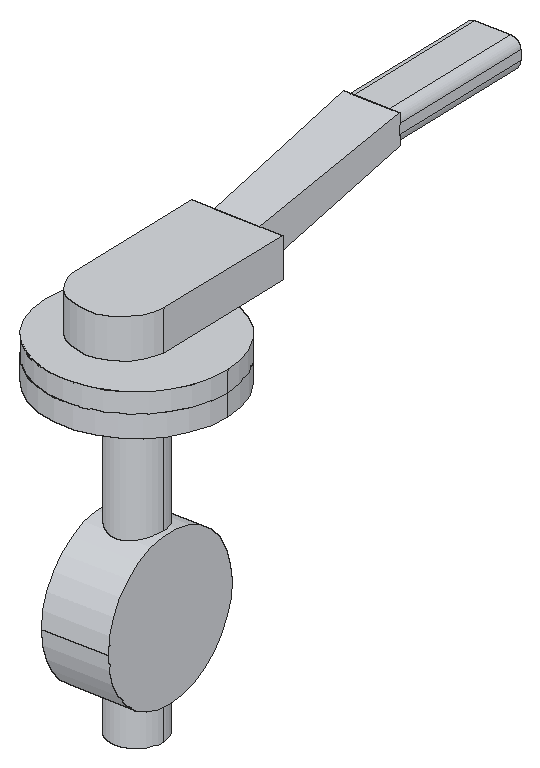
Revit family "HS497-68_disk-nerez_s pákou DN040-RFA_2019", category Pipe Accessories, Revit 2019
Family settings
  Round Connector Dimension = Use Diameter
  Part Type = Valve - Breaks Into
  Work Plane-Based = No
  Always vertical = Yes
  Cut with Voids When Loaded = No
  Shared = No
Parameters (values of type "HS 497-68_DN040_PN16_s pákou")
  magiProductId = "c1b522ca65b4407a98818f232eaacb"
  magiProductFamilyId = "53cea81e6f374d17b8841d9c72ad77"
  magiPartTypeId = 305
  isMeasuringValve [instance] = no
  ang2D [instance] = 0.00°
  X11 = 61.456 mm
  X1 = 25.456 mm
  W2D = 1000 mm
  VersionID = "2.0/2017.9.26.1/ZETKAMA_497_001"
  Use Minimum Symbol Size [instance] = yes
  URL = "http://www.hydronic.cz"
  Type Comments = "mezipřírubová; nerezový disk; PN16; -10~+110°C (krátkodobě +120°C)"
  SW30 = no
  SW3 = no
  SW21 = no
  SW20 = yes
  SW2 = yes
  SW1 = no
  R = 20 mm
  QmdConnectorList = "301;D;302;D"
  Productdata [instance] = ""
  NC = 50 mm
  Manufacturer = "Hydronic Systems Prague s.r.o."
  MM20 = 25.456 mm
  MC Product Code = "121 040 (nerezový disk, s pákou; DN40; PN16, kvs78)"
  M41 = 66 mm
  M4 = 44 mm
  LHL = 220 mm
  LHH3 = 2.45 mm
  LHH1 = 46.55 mm
  LH1 = 73.333 mm
  L4R__ve = -L4R  # -12.8 mm
  L4R = 12.8 mm
  L42__ve = -L42  # -96 mm
  L42 = 96 mm
  L41__ve = -L41  # -19.2 mm
  L41 = 19.2 mm
  L2D_Min = 3048 mm
  L2D = 216 mm
  L2 = 16.5 mm
  L1 = 26.4 mm
  L = 33 mm
  H = 30 mm
  G22 = 11.25 mm
  G2 = 22.5 mm
  G1 = 90 mm
  G = 90 mm
  F = 11 mm
  E44 = 31.25 mm
  E42 = 62.5 mm
  E4 = 125 mm
  E23 = 4.9 mm
  E22 = 19.6 mm
  E21 = 9.8 mm
  Description = "Mezipřírubová uzavírací klapka s pákou; nerezový disk, DN40; PN16; kvs78"
  DR2 = 20 mm
  DR = 76 mm
  DD1 = 15.625 mm
  DD = 12.5 mm
  D = 40 mm
  CAT0 = yes
  B2__ve = -B2  # -36 mm
  B2 = 36 mm
  A2 = 11 mm
  A1 = 79 mm
Types (43, lengths in mm): name | magiProductId | X11 | X1 | Type Comments | SW30 | SW3 | SW20 | SW2 | SW1 | R | NC | Manufacturer | MM20 | MC Product Code | M41 | M4 | LHL | LHH3 | LHH1 | LH1 | L4R__ve | L4R | L42__ve | L42 | L41__ve | L41 | L2 | L1 | L | H | G | F | E44 | E42 | E4 | E23 | E22 | E21 | Description | DR2 | DR | DD1 | DD | D | B2__ve | B2 | A2 | A1
  HS 497-68_DN100_PN16_volné vřeteno | "65d1b245f4f142c78569c0602d5754" | 61.456 | 25.456 | "mezipřírubová; nerezový disk; PN16; -10~+110°C (krátkodobě +120°C)" | no | no | no | no | yes | 50 | 50 | "Hydronic Systems Prague s.r.o." | 25.456 | "124 100 (nerezový disk, s volným vřetenem; DN100; PN16, kvs512)" | 66 | 44 | 220 | 2.45 | 46.55 | 73.333 | -12.8 | 12.8 | -96 | 96 | -19.2 | 19.2 | 26 | 41.6 | 52 | 30 | 90 | 11 | 31.25 | 62.5 | 125 | 4.9 | 19.6 | 9.8 | "Mezipřírubová uzavírací klapka s volným vřetenem; nerezový disk, DN100; PN16; kvs512" | 50 | 147 | 15.625 | 12.5 | 100 | -56 | 56 | 16.5 | 98.5
  HS 497-68_DN100_PN16_převodové kolo | "11e91b807e674d428c8e796fcdcfe2" | 61.456 | 25.456 | "mezipřírubová; nerezový disk; PN16; -10~+110°C (krátkodobě +120°C)" | yes | yes | no | no | no | 50 | 50 | "Hydronic Systems Prague s.r.o." | 25.456 | "126 100 (nerezový disk, s převodovým kolem; DN100; PN16, kvs512)" | 65.25 | 43.5 | 220 | 2.45 | 46.55 | 73.333 | -12.8 | 12.8 | -96 | 96 | -19.2 | 19.2 | 26 | 41.6 | 52 | 30 | 90 | 11 | 31.25 | 62.5 | 125 | 4.9 | 19.6 | 9.8 | "Mezipřírubová uzavírací klapka s převodovým kolem; nerezový disk, DN100; PN16; kvs512" | 50 | 147 | 15.625 | 12.5 | 100 | -56 | 56 | 16.5 | 98.5
  HS 497-68_DN100_PN16_s pákou | "28172f0b3f4b47b28323ac71cf8749" | 61.456 | 25.456 | "mezipřírubová; nerezový disk; PN16; -10~+110°C (krátkodobě +120°C)" | no | no | yes | yes | no | 50 | 50 | "Hydronic Systems Prague s.r.o." | 25.456 | "121 100 (nerezový disk, s pákou; DN100; PN16, kvs512)" | 66 | 44 | 260 | 3 | 57 | 86.667 | -12.8 | 12.8 | -96 | 96 | -19.2 | 19.2 | 26 | 41.6 | 52 | 30 | 90 | 11 | 31.25 | 62.5 | 125 | 6 | 24 | 12 | "Mezipřírubová uzavírací klapka s pákou; nerezový disk, DN100; PN16; kvs512" | 50 | 147 | 15.625 | 12.5 | 100 | -56 | 56 | 16.5 | 98.5
  HS 497-68_DN125_PN16_volné vřeteno | "0d813d910fc14f628bb3c2efbd185c" | 61.456 | 25.456 | "mezipřírubová; nerezový disk; PN16; -10~+110°C (krátkodobě +120°C)" | no | no | no | no | yes | 62.5 | 50 | "Hydronic Systems Prague s.r.o." | 25.456 | "124 125 (nerezový disk, s volným vřetenem; DN125; PN16, kvs872)" | 66 | 44 | 220 | 2.45 | 46.55 | 73.333 | -12.8 | 12.8 | -96 | 96 | -19.2 | 19.2 | 28 | 44.8 | 56 | 33 | 90 | 14 | 31.25 | 62.5 | 125 | 4.9 | 19.6 | 9.8 | "Mezipřírubová uzavírací klapka s volným vřetenem; nerezový disk, DN125; PN16; kvs872" | 62.5 | 180 | 15.625 | 12.5 | 125 | -64 | 64 | 18 | 99.5
  HS 497-68_DN125_PN16_převodové kolo | "c56b7c13f372467684996fb1e0e229" | 61.456 | 25.456 | "mezipřírubová; nerezový disk; PN16; -10~+110°C (krátkodobě +120°C)" | yes | yes | no | no | no | 62.5 | 50 | "Hydronic Systems Prague s.r.o." | 25.456 | "126125 (nerezový disk, s převodovým kolem; DN125; PN16, kvs872)" | 65.25 | 43.5 | 220 | 2.45 | 46.55 | 73.333 | -13.5 | 13.5 | -101.25 | 101.25 | -20.25 | 20.25 | 28 | 44.8 | 56 | 33 | 90 | 14 | 40 | 80 | 160 | 4.9 | 19.6 | 9.8 | "Mezipřírubová uzavírací klapka s převodovým kolem; nerezový disk, DN125; PN16; kvs872" | 62.5 | 180 | 20 | 16 | 125 | -64 | 64 | 18 | 99.5
  HS 497-68_DN125_PN16_s pákou | "105993c79a91492399feef7931321a" | 61.456 | 25.456 | "mezipřírubová; nerezový disk; PN16; -10~+110°C (krátkodobě +120°C)" | no | no | yes | yes | no | 62.5 | 50 | "Hydronic Systems Prague s.r.o." | 25.456 | "121 125 (nerezový disk, s pákou; DN125; PN16, kvs872)" | 66 | 44 | 315 | 3.75 | 71.25 | 105 | -12.8 | 12.8 | -96 | 96 | -19.2 | 19.2 | 28 | 44.8 | 56 | 33 | 90 | 14 | 31.25 | 62.5 | 125 | 7.5 | 30 | 15 | "Mezipřírubová uzavírací klapka s pákou; nerezový disk, DN125; PN16; kvs872" | 62.5 | 180 | 15.625 | 12.5 | 125 | -64 | 64 | 18 | 99.5
  HS 497-68_DN150_PN16_volné vřeteno | "50c80cb8ab434f55ab7796e5ac1331" | 61.456 | 25.456 | "mezipřírubová; nerezový disk; PN16; -10~+110°C (krátkodobě +120°C)" | no | no | no | no | yes | 75 | 50 | "Hydronic Systems Prague s.r.o." | 25.456 | "124 150 (nerezový disk, s volným vřetenem; DN150; PN16, kvs1347)" | 66 | 44 | 220 | 2.45 | 46.55 | 73.333 | -12.8 | 12.8 | -96 | 96 | -19.2 | 19.2 | 28 | 44.8 | 56 | 33 | 90 | 14 | 31.25 | 62.5 | 125 | 4.9 | 19.6 | 9.8 | "Mezipřírubová uzavírací klapka s volným vřetenem; nerezový disk, DN150; PN16; kvs1347" | 75 | 206 | 15.625 | 12.5 | 150 | -58 | 58 | 19.3 | 98.7
  HS 497-68_DN150_PN16_převodové kolo | "d94a1a0cf83b476eb10011b327f709" | 61.456 | 25.456 | "mezipřírubová; nerezový disk; PN16; -10~+110°C (krátkodobě +120°C)" | yes | yes | no | no | no | 75 | 50 | "Hydronic Systems Prague s.r.o." | 25.456 | "126 150 (nerezový disk, s převodovým kolem; DN150; PN16, kvs1347)" | 65.25 | 43.5 | 220 | 2.45 | 46.55 | 73.333 | -13.5 | 13.5 | -101.25 | 101.25 | -20.25 | 20.25 | 28 | 44.8 | 56 | 33 | 90 | 14 | 40 | 80 | 160 | 4.9 | 19.6 | 9.8 | "Mezipřírubová uzavírací klapka s převodovým kolem; nerezový disk, DN150; PN16; kvs1347" | 75 | 206 | 20 | 16 | 150 | -58 | 58 | 19.3 | 98.7
  HS 497-68_DN150_PN16_s pákou | "4d2835523fe84828bc50ff0a5a0dfb" | 61.456 | 25.456 | "mezipřírubová; nerezový disk; PN16; -10~+110°C (krátkodobě +120°C)" | no | no | yes | yes | no | 75 | 50 | "Hydronic Systems Prague s.r.o." | 25.456 | "121 150 (nerezový disk, s pákou; DN150; PN16, kvs1347)" | 66 | 44 | 315 | 3.75 | 71.25 | 105 | -12.8 | 12.8 | -96 | 96 | -19.2 | 19.2 | 28 | 44.8 | 56 | 33 | 90 | 14 | 31.25 | 62.5 | 125 | 7.5 | 30 | 15 | "Mezipřírubová uzavírací klapka s pákou; nerezový disk, DN150; PN16; kvs1347" | 75 | 206 | 15.625 | 12.5 | 150 | -58 | 58 | 19.3 | 98.7
  HS 497-68_DN200_PN16_volné vřeteno | "5b29029eaeba47139ee1055a4b9201" | 61.456 | 25.456 | "mezipřírubová; nerezový disk; PN16; -10~+110°C (krátkodobě +120°C)" | no | no | no | no | yes | 100 | 50 | "Hydronic Systems Prague s.r.o." | 25.456 | "124 200 (nerezový disk, s volným vřetenem; DN200; PN16, kvs2675)" | 66 | 44 | 220 | 2.45 | 46.55 | 73.333 | -12.8 | 12.8 | -96 | 96 | -19.2 | 19.2 | 30 | 48 | 60 | 33 | 90 | 17 | 31.25 | 62.5 | 125 | 4.9 | 19.6 | 9.8 | "Mezipřírubová uzavírací klapka s volným vřetenem; nerezový disk, DN200; PN16; kvs2675" | 100 | 257 | 15.625 | 12.5 | 200 | -70 | 70 | 22.5 | 102.5
  HS 497-68_DN200_PN16_převodové kolo | "b2793cc1fcc44cf2a35062cd67c04f" | 61.456 | 25.456 | "mezipřírubová; nerezový disk; PN16; -10~+110°C (krátkodobě +120°C)" | yes | yes | no | no | no | 100 | 57 | "Hydronic Systems Prague s.r.o." | 25.456 | "126 200 (nerezový disk, s převodovým kolem; DN200; PN16, kvs2675)" | 78.75 | 52.5 | 220 | 2.45 | 46.55 | 73.333 | -15.2 | 15.2 | -114 | 114 | -22.8 | 22.8 | 30 | 48 | 60 | 33 | 90 | 17 | 50 | 100 | 200 | 4.9 | 19.6 | 9.8 | "Mezipřírubová uzavírací klapka s převodovým kolem; nerezový disk, DN200; PN16; kvs2675" | 100 | 257 | 25 | 20 | 200 | -70 | 70 | 22.5 | 102.5
  HS 497-68_DN200_PN16_s pákou | "f88d96c7af224537a51e72d7d8fffe" | 61.456 | 25.456 | "mezipřírubová; nerezový disk; PN16; -10~+110°C (krátkodobě +120°C)" | no | no | yes | yes | no | 100 | 50 | "Hydronic Systems Prague s.r.o." | 25.456 | "121 200 (nerezový disk, s pákou; DN200; PN16, kvs2675)" | 66 | 44 | 315 | 3.75 | 71.25 | 105 | -12.8 | 12.8 | -96 | 96 | -19.2 | 19.2 | 30 | 48 | 60 | 33 | 90 | 17 | 31.25 | 62.5 | 125 | 7.5 | 30 | 15 | "Mezipřírubová uzavírací klapka s pákou; nerezový disk, DN200; PN16; kvs2675" | 100 | 257 | 15.625 | 12.5 | 200 | -70 | 70 | 22.5 | 102.5
  HS 497-68_DN250_PN16_volné vřeteno | "b662e8305ca2402b9c510e66e6aa55" | 88.77 | 36.77 | "mezipřírubová; nerezový disk; PN16; -10~+110°C (krátkodobě +120°C)" | no | no | no | no | yes | 125 | 50 | "Hydronic Systems Prague s.r.o." | 36.77 | "124 250 (nerezový disk, s volným vřetenem; DN250; PN16, kvs4555)" | 66 | 44 | 220 | 2.45 | 46.55 | 73.333 | -12.8 | 12.8 | -96 | 96 | -19.2 | 19.2 | 34 | 54.4 | 68 | 23 | 130 | 22 | 31.25 | 62.5 | 125 | 4.9 | 19.6 | 9.8 | "Mezipřírubová uzavírací klapka s volným vřetenem; nerezový disk, DN250; PN16; kvs4555" | 125 | 324 | 15.625 | 12.5 | 250 | -85 | 85 | 28.25 | 129.25
  HS 497-68_DN250_PN16_převodové kolo | "5ee9016806664ddfaa2632711f295c" | 88.77 | 36.77 | "mezipřírubová; nerezový disk; PN16; -10~+110°C (krátkodobě +120°C)" | yes | yes | no | no | no | 125 | 70 | "Hydronic Systems Prague s.r.o." | 36.77 | "126 250 (nerezový disk, s převodovým kolem; DN250; PN16, kvs4555)" | 91.5 | 61 | 220 | 2.45 | 46.55 | 73.333 | -22.2 | 22.2 | -166.5 | 166.5 | -33.3 | 33.3 | 34 | 54.4 | 68 | 23 | 130 | 22 | 62.5 | 125 | 250 | 4.9 | 19.6 | 9.8 | "Mezipřírubová uzavírací klapka s převodovým kolem; nerezový disk, DN250; PN16; kvs4555" | 125 | 324 | 31.25 | 25 | 250 | -85 | 85 | 28.25 | 129.25
  HS 497-68_DN300_PN16_volné vřeteno | "e1886f51ff004380a649519258edf2" | 88.77 | 36.77 | "mezipřírubová; nerezový disk; PN16; -10~+110°C (krátkodobě +120°C)" | no | no | no | no | yes | 150 | 50 | "Hydronic Systems Prague s.r.o." | 36.77 | "124 300 (nerezový disk, s volným vřetenem; DN300; PN16, kvs7037)" | 66 | 44 | 220 | 2.45 | 46.55 | 73.333 | -12.8 | 12.8 | -96 | 96 | -19.2 | 19.2 | 39 | 62.4 | 78 | 23 | 130 | 22 | 31.25 | 62.5 | 125 | 4.9 | 19.6 | 9.8 | "Mezipřírubová uzavírací klapka s volným vřetenem; nerezový disk, DN300; PN16; kvs7037" | 150 | 376 | 15.625 | 12.5 | 300 | -90 | 90 | 30.8 | 127.2
  HS 497-68_DN300_PN16_převodové kolo | "6860f094f77d42088fbebc3c97f755" | 88.77 | 36.77 | "mezipřírubová; nerezový disk; PN16; -10~+110°C (krátkodobě +120°C)" | yes | yes | no | no | no | 150 | 70 | "Hydronic Systems Prague s.r.o." | 36.77 | "126 300 (nerezový disk, s převodovým kolem; DN300; PN16, kvs7037)" | 91.5 | 61 | 220 | 2.45 | 46.55 | 73.333 | -22.2 | 22.2 | -166.5 | 166.5 | -33.3 | 33.3 | 39 | 62.4 | 78 | 23 | 130 | 22 | 62.5 | 125 | 250 | 4.9 | 19.6 | 9.8 | "Mezipřírubová uzavírací klapka s převodovým kolem; nerezový disk, DN300; PN16; kvs7037" | 150 | 376 | 31.25 | 25 | 300 | -90 | 90 | 30.8 | 127.2
  HS 497-68_DN032_PN16_volné vřeteno | "8c5f65de52aa4067a77564107e31b2" | 61.456 | 25.456 | "mezipřírubová; nerezový disk; PN16; -10~+110°C (krátkodobě +120°C)" | no | no | no | no | yes | 16 | 50 | "Hydronic Systems Prague s.r.o." | 25.456 | "124 032 (nerezový disk, s volným vřetenem; DN32; PN16, kvs78)" | 66 | 44 | 220 | 2.45 | 46.55 | 73.333 | -12.8 | 12.8 | -96 | 96 | -19.2 | 19.2 | 16.5 | 26.4 | 33 | 30 | 90 | 11 | 31.25 | 62.5 | 125 | 4.9 | 19.6 | 9.8 | "Mezipřírubová uzavírací klapka s volným vřetenem; nerezový disk, DN32; PN16; kvs78" | 16 | 68 | 15.625 | 12.5 | 32 | -44.2 | 44.2 | 10.25 | 76.25
  HS 497-68_DN032_PN16_převodové kolo | "60aaeffa8b3a4e809ef000e4660060" | 61.456 | 25.456 | "mezipřírubová; nerezový disk; PN16; -10~+110°C (krátkodobě +120°C)" | yes | yes | no | no | no | 16 | 50 | "Hydronic Systems Prague s.r.o." | 25.456 | "126 032 (nerezový disk, s převodovým kolem; DN32; PN16, kvs78)" | 65.25 | 43.5 | 220 | 2.45 | 46.55 | 73.333 | -12.8 | 12.8 | -96 | 96 | -19.2 | 19.2 | 16.5 | 26.4 | 33 | 30 | 90 | 11 | 31.25 | 62.5 | 125 | 4.9 | 19.6 | 9.8 | "Mezipřírubová uzavírací klapka s převodovým kolem; nerezový disk, DN32; PN16; kvs78" | 16 | 68 | 15.625 | 12.5 | 32 | -44.2 | 44.2 | 10.25 | 76.25
  HS 497-68_DN032_PN16_s pákou | "9ad8088d610749a1b871aa2aad8007" | 61.456 | 25.456 | "mezipřírubová; nerezový disk; PN16; -10~+110°C (krátkodobě +120°C)" | no | no | yes | yes | no | 16 | 50 | "Hydronic Systems Prague s.r.o." | 25.456 | "121 032 (nerezový disk, s pákou; DN32; PN16, kvs78)" | 66 | 44 | 220 | 2.45 | 46.55 | 73.333 | -12.8 | 12.8 | -96 | 96 | -19.2 | 19.2 | 16.5 | 26.4 | 33 | 30 | 90 | 11 | 31.25 | 62.5 | 125 | 4.9 | 19.6 | 9.8 | "Mezipřírubová uzavírací klapka s pákou; nerezový disk, DN32; PN16; kvs78" | 16 | 68 | 15.625 | 12.5 | 32 | -44.2 | 44.2 | 10.25 | 76.25
  HS 497-68_DN350_PN10_volné vřeteno | "72a1e05f22944421b7e9596a877137" | 109.255 | 45.255 | "mezipřírubová; nerezový disk; PN10; -10~+110°C (krátkodobě +120°C)" | no | no | no | no | yes | 175 | 50 | "Hydronic Systems Prague s.r.o." | 45.255 | "124 350 (nerezový disk, s volným vřetenem; DN350; PN10, kvs10165)" | 66 | 44 | 220 | 2.45 | 46.55 | 73.333 | -12.8 | 12.8 | -96 | 96 | -19.2 | 19.2 | 39 | 62.4 | 78 | 31 | 160 | 22 | 31.25 | 62.5 | 125 | 4.9 | 19.6 | 9.8 | "Mezipřírubová uzavírací klapka s volným vřetenem; nerezový disk, DN350; PN10; kvs10165" | 175 | 430 | 15.625 | 12.5 | 350 | -88 | 88 | 33.85 | 129.65
  HS 497-68_DN350_PN10_převodové kolo | "a5a01426cb28494ba3afca92f1dace" | 109.255 | 45.255 | "mezipřírubová; nerezový disk; PN10; -10~+110°C (krátkodobě +120°C)" | yes | yes | no | no | no | 175 | 70 | "Hydronic Systems Prague s.r.o." | 45.255 | "126 350 (nerezový disk, s převodovým kolem; DN350; PN10, kvs10165)" | 91.5 | 61 | 220 | 2.45 | 46.55 | 73.333 | -22.2 | 22.2 | -166.5 | 166.5 | -33.3 | 33.3 | 39 | 62.4 | 78 | 31 | 160 | 22 | 62.5 | 125 | 250 | 4.9 | 19.6 | 9.8 | "Mezipřírubová uzavírací klapka s převodovým kolem; nerezový disk, DN350; PN10; kvs10165" | 175 | 430 | 31.25 | 25 | 350 | -88 | 88 | 33.85 | 129.65
  HS 497-68_DN400_PN10_volné vřeteno | "c70ebeb927c04ab99b176e257ad0a7" | 109.255 | 45.255 | "mezipřírubová; nerezový disk; PN10; -10~+110°C (krátkodobě +120°C)" | no | no | no | no | yes | 200 | 50 | "Hydronic Systems Prague s.r.o." | 45.255 | "124 400 (nerezový disk, s volným vřetenem; DN400; PN10, kvs13799)" | 66 | 44 | 220 | 2.45 | 46.55 | 73.333 | -12.8 | 12.8 | -96 | 96 | -19.2 | 19.2 | 51 | 81.6 | 102 | 31 | 160 | 27 | 31.25 | 62.5 | 125 | 4.9 | 19.6 | 9.8 | "Mezipřírubová uzavírací klapka s volným vřetenem; nerezový disk, DN400; PN10; kvs13799" | 200 | 485 | 15.625 | 12.5 | 400 | -108 | 108 | 38 | 142
  HS 497-68_DN400_PN10_převodové kolo | "cc64a4384dcb41b780d81810f4f293" | 109.255 | 45.255 | "mezipřírubová; nerezový disk; PN10; -10~+110°C (krátkodobě +120°C)" | yes | yes | no | no | no | 200 | 72.5 | "Hydronic Systems Prague s.r.o." | 45.255 | "126 400 (nerezový disk, s převodovým kolem; DN400; PN10, kvs13799)" | 103.5 | 69 | 220 | 2.45 | 46.55 | 73.333 | -27.8 | 27.8 | -208.5 | 208.5 | -41.7 | 41.7 | 51 | 81.6 | 102 | 31 | 160 | 27 | 75 | 150 | 300 | 4.9 | 19.6 | 9.8 | "Mezipřírubová uzavírací klapka s převodovým kolem; nerezový disk, DN400; PN10; kvs13799" | 200 | 485 | 37.5 | 30 | 400 | -108 | 108 | 38 | 142
  HS 497-68_DN040_PN16_volné vřeteno | "35f92312390745e88df5b5c325d9ee" | 61.456 | 25.456 | "mezipřírubová; nerezový disk; PN16; -10~+110°C (krátkodobě +120°C)" | no | no | no | no | yes | 20 | 50 | "Hydronic Systems Prague s.r.o." | 25.456 | "124 040 (nerezový disk, s volným vřetenem; DN40; PN16, kvs78)" | 66 | 44 | 220 | 2.45 | 46.55 | 73.333 | -12.8 | 12.8 | -96 | 96 | -19.2 | 19.2 | 16.5 | 26.4 | 33 | 30 | 90 | 11 | 31.25 | 62.5 | 125 | 4.9 | 19.6 | 9.8 | "Mezipřírubová uzavírací klapka s volným vřetenem; nerezový disk, DN40; PN16; kvs78" | 20 | 76 | 15.625 | 12.5 | 40 | -36 | 36 | 11 | 79
  HS 497-68_DN040_PN16_převodové kolo | "d88e968eae3445bc9b7b4e6ff35127" | 61.456 | 25.456 | "mezipřírubová; nerezový disk; PN16; -10~+110°C (krátkodobě +120°C)" | yes | yes | no | no | no | 20 | 50 | "Hydronic Systems Prague s.r.o." | 25.456 | "126 040 (nerezový disk, s převodovým kolem; DN40; PN16, kvs78)" | 65.25 | 43.5 | 220 | 2.45 | 46.55 | 73.333 | -12.8 | 12.8 | -96 | 96 | -19.2 | 19.2 | 16.5 | 26.4 | 33 | 30 | 90 | 11 | 31.25 | 62.5 | 125 | 4.9 | 19.6 | 9.8 | "Mezipřírubová uzavírací klapka s převodovým kolem; nerezový disk, DN40; PN16; kvs78" | 20 | 76 | 15.625 | 12.5 | 40 | -36 | 36 | 11 | 79
  HS 497-68_DN040_PN16_s pákou | "c1b522ca65b4407a98818f232eaacb" | 61.456 | 25.456 | "mezipřírubová; nerezový disk; PN16; -10~+110°C (krátkodobě +120°C)" | no | no | yes | yes | no | 20 | 50 | "Hydronic Systems Prague s.r.o." | 25.456 | "121 040 (nerezový disk, s pákou; DN40; PN16, kvs78)" | 66 | 44 | 220 | 2.45 | 46.55 | 73.333 | -12.8 | 12.8 | -96 | 96 | -19.2 | 19.2 | 16.5 | 26.4 | 33 | 30 | 90 | 11 | 31.25 | 62.5 | 125 | 4.9 | 19.6 | 9.8 | "Mezipřírubová uzavírací klapka s pákou; nerezový disk, DN40; PN16; kvs78" | 20 | 76 | 15.625 | 12.5 | 40 | -36 | 36 | 11 | 79
  HS 497-68_DN450_PN10_volné vřeteno | "a8358bc282f14872b3194e530e590a" | 129.74 | 53.74 | "mezipřírubová; nerezový disk; PN10; -10~+110°C (krátkodobě +120°C)" | no | no | no | no | yes | 225 | 50 | "Hydronic Systems Prague s.r.o." | 53.74 | "124 450 (nerezový disk, s volným vřetenem; DN450; PN10, kvs18514)" | 66 | 44 | 220 | 2.45 | 46.55 | 73.333 | -12.8 | 12.8 | -96 | 96 | -19.2 | 19.2 | 57 | 91.2 | 114 | 38 | 190 | 36 | 31.25 | 62.5 | 125 | 4.9 | 19.6 | 9.8 | "Mezipřírubová uzavírací klapka s volným vřetenem; nerezový, DN450; PN10; kvs18514" | 225 | 536 | 15.625 | 12.5 | 450 | -115 | 115 | 38.05 | 117.45
  HS 497-68_DN450_PN10_převodové kolo | "cdf2d80f54a9414f9cbe50647c0ebd" | 129.74 | 53.74 | "mezipřírubová; nerezový disk; PN10; -10~+110°C (krátkodobě +120°C)" | yes | yes | no | no | no | 225 | 91.5 | "Zetkama" | 53.74 | "126 450 (nerezový disk, s převodovým kolem; DN450; PN10, kvs18514)" | 144.75 | 96.5 | 220 | 2.45 | 46.55 | 73.333 | -32.1 | 32.1 | -240.75 | 240.75 | -48.15 | 48.15 | 57 | 91.2 | 114 | 38 | 190 | 36 | 100 | 200 | 400 | 4.9 | 19.6 | 9.8 | "Mezipřírubová uzavírací klapka s převodovým kolem; nerezový disk, DN450; PN10; kvs18514" | 225 | 536 | 50 | 40 | 450 | -115 | 115 | 38.05 | 117.45
  HS 497-68_DN500_PN10_volné vřeteno | "8c396e27bb2743f98f3c762b6517cd" | 143.397 | 59.397 | "mezipřírubová; nerezový disk; PN10; -10~+110°C (krátkodobě +120°C)" | no | no | no | no | yes | 250 | 50 | "Hydronic Systems Prague s.r.o." | 59.397 | "124 500 (nerezový disk, s volným vřetenem; DN500; PN10, kvs23805)" | 66 | 44 | 220 | 2.45 | 46.55 | 73.333 | -12.8 | 12.8 | -96 | 96 | -19.2 | 19.2 | 63.5 | 101.6 | 127 | 38 | 210 | 36 | 31.25 | 62.5 | 125 | 4.9 | 19.6 | 9.8 | "Mezipřírubová uzavírací klapka s volným vřetenem; nerezový disk, DN500; PN10; kvs23805" | 250 | 593 | 15.625 | 12.5 | 500 | -130 | 130 | 43.25 | 139.25
  HS 497-68_DN500_PN10_převodové kolo | "7647804f32e94cef828a7034a91a46" | 143.397 | 59.397 | "mezipřírubová; nerezový disk; PN10; -10~+110°C (krátkodobě +120°C)" | yes | yes | no | no | no | 250 | 91.5 | "Zetkama" | 59.397 | "126 500 (nerezový disk, s převodovým kolem; DN500; PN10, kvs23805)" | 144.75 | 96.5 | 220 | 2.45 | 46.55 | 73.333 | -32.1 | 32.1 | -240.75 | 240.75 | -48.15 | 48.15 | 63.5 | 101.6 | 127 | 38 | 210 | 36 | 100 | 200 | 400 | 4.9 | 19.6 | 9.8 | "Mezipřírubová uzavírací klapka s převodovým kolem; nerezový disk, DN500; PN10; kvs23805" | 250 | 593 | 50 | 40 | 500 | -130 | 130 | 43.25 | 139.25
  HS 497-68_DN050_volné vřeteno | "d71f296ecd6d4adf8f6e5d9853b4e0" | 61.456 | 25.456 | "mezipřírubová; nerezový disk; PN16; -10~+110°C (krátkodobě +120°C)" | no | no | no | no | yes | 25 | 50 | "Hydronic Systems Prague s.r.o." | 25.456 | "124 050 (nerezový disk, s volným vřetenem; DN50; PN16, kvs98)" | 66 | 44 | 220 | 2.45 | 46.55 | 73.333 | -12.8 | 12.8 | -96 | 96 | -19.2 | 19.2 | 21.5 | 34.4 | 43 | 30 | 90 | 11 | 31.25 | 62.5 | 125 | 4.9 | 19.6 | 9.8 | "Mezipřírubová uzavírací klapka s volným vřetenem; nerezový disk, DN50; PN16; kvs98" | 25 | 100 | 15.625 | 12.5 | 50 | -36.5 | 36.5 | 12 | 83
  HS 497-68_DN050_PN16_převodové kolo | "2fb080deeaed49c58418b94c1da5a4" | 61.456 | 25.456 | "mezipřírubová; nerezový disk; PN16; -10~+110°C (krátkodobě +120°C)" | yes | yes | no | no | no | 25 | 50 | "Hydronic Systems Prague s.r.o." | 25.456 | "126 050 (nerezový disk, s převodovým kolem; DN50; PN16, kvs98)" | 65.25 | 43.5 | 220 | 2.45 | 46.55 | 73.333 | -12.8 | 12.8 | -96 | 96 | -19.2 | 19.2 | 21.5 | 34.4 | 43 | 30 | 90 | 11 | 31.25 | 62.5 | 125 | 4.9 | 19.6 | 9.8 | "Mezipřírubová uzavírací klapka s převodovým kolem; nerezový disk, DN50; PN16; kvs98" | 25 | 100 | 15.625 | 12.5 | 50 | -36.5 | 36.5 | 12 | 83
  HS 497-68_DN050_PN16_s pákou | "dabc632061f94877a994b9b4e68112" | 61.456 | 25.456 | "mezipřírubová; nerezový disk; PN16; -10~+110°C (krátkodobě +120°C)" | no | no | yes | yes | no | 25 | 50 | "Hydronic Systems Prague s.r.o." | 25.456 | "121 050 (nerezový disk, s pákou; DN50; PN16, kvs98)" | 66 | 44 | 220 | 2.45 | 46.55 | 73.333 | -12.8 | 12.8 | -96 | 96 | -19.2 | 19.2 | 21.5 | 34.4 | 43 | 30 | 90 | 11 | 31.25 | 62.5 | 125 | 4.9 | 19.6 | 9.8 | "Mezipřírubová uzavírací klapka s pákou; nerezový disk, DN50; PN16; kvs98" | 25 | 100 | 15.625 | 12.5 | 50 | -36.5 | 36.5 | 12 | 83
  HS 497-68_DN600_PN10_volné vřeteno | "99d5892c14664fce81a7c5903f7711" | 143.397 | 59.397 | "mezipřírubová; nerezový disk; PN10; -10~+110°C (krátkodobě +120°C)" | no | no | no | no | yes | 300 | 50 | "Hydronic Systems Prague s.r.o." | 59.397 | "124 600 (nerezový disk, s volným vřetenem; DN600; PN10, kvs36778)" | 66 | 44 | 220 | 2.45 | 46.55 | 73.333 | -12.8 | 12.8 | -96 | 96 | -19.2 | 19.2 | 77 | 123.2 | 154 | 80 | 210 | 60 | 31.25 | 62.5 | 125 | 4.9 | 19.6 | 9.8 | "Mezipřírubová uzavírací klapka s volným vřetenem; nerezový disk, DN600; PN10; kvs36788" | 300 | 690 | 15.625 | 12.5 | 600 | -140 | 140 | 49.4 | 144.6
  HS 497-68_DN600_PN10_převodové kolo | "b1e26faab48a4c499f6bb11e7e3002" | 143.397 | 59.397 | "mezipřírubová; lnerezový disk; PN10; -10~+110°C (krátkodobě +120°C)" | yes | yes | no | no | no | 300 | 140 | "Hydronic Systems Prague s.r.o." | 59.397 | "126 600 (nerezový disk, s převodovým kolem; DN600; PN10, kvs36778)" | 206.25 | 137.5 | 220 | 2.45 | 46.55 | 73.333 | -40.8 | 40.8 | -306 | 306 | -61.2 | 61.2 | 77 | 123.2 | 154 | 80 | 210 | 60 | 125 | 250 | 500 | 4.9 | 19.6 | 9.8 | "Mezipřírubová uzavírací klapka s převodovým kolem; nerezový disk, DN600; PN10; kvs36788" | 300 | 690 | 62.5 | 50 | 600 | -140 | 140 | 49.4 | 144.6
  HS 497-68_DN065_PN16_volné vřeteno | "5e5e208646e34ec29f889baab5d08e" | 61.456 | 25.456 | "mezipřírubová; lnerezový disk; PN16; -10~+110°C (krátkodobě +120°C)" | no | no | no | no | yes | 32.5 | 50 | "Hydronic Systems Prague s.r.o." | 25.456 | "124 065 (nerezový disk, s volným vřetenem; DN65; PN16, kvs167)" | 66 | 44 | 220 | 2.45 | 46.55 | 73.333 | -12.8 | 12.8 | -96 | 96 | -19.2 | 19.2 | 23 | 36.8 | 46 | 30 | 90 | 11 | 31.25 | 62.5 | 125 | 4.9 | 19.6 | 9.8 | "Mezipřírubová uzavírací klapka s volným vřetenem; nerezový disk, DN65; PN16; kv167" | 32.5 | 108 | 15.625 | 12.5 | 65 | -36.5 | 36.5 | 13.5 | 89
  HS 497-68_DN065_PN16_převodové kolo | "654d74c8d15540b0bfe523d988ccb3" | 61.456 | 25.456 | "mezipřírubová; nerezový disk; PN16; -10~+110°C (krátkodobě +120°C)" | yes | yes | no | no | no | 32.5 | 50 | "Hydronic Systems Prague s.r.o." | 25.456 | "126 065 (nerezový disk, s převodovým kolem; DN65; PN16, kvs167)" | 65.25 | 43.5 | 220 | 2.45 | 46.55 | 73.333 | -12.8 | 12.8 | -96 | 96 | -19.2 | 19.2 | 23 | 36.8 | 46 | 30 | 90 | 11 | 31.25 | 62.5 | 125 | 4.9 | 19.6 | 9.8 | "Mezipřírubová uzavírací klapka s převodovým kolem; nerezový disk, DN65; PN16; kvs167" | 32.5 | 108 | 15.625 | 12.5 | 65 | -36.5 | 36.5 | 13.5 | 89
  HS 497-68_DN065_PN16_s pákou | "ebeb4b59db0641caaf6d6635ab37b9" | 61.456 | 25.456 | "mezipřírubová; nerezový disk; PN16; -10~+110°C (krátkodobě +120°C)" | no | no | yes | yes | no | 32.5 | 50 | "Hydronic Systems Prague s.r.o." | 25.456 | "121 065 (nerezový disk, s pákou; DN65; PN16, kvs167)" | 66 | 44 | 220 | 2.45 | 46.55 | 73.333 | -12.8 | 12.8 | -96 | 96 | -19.2 | 19.2 | 23 | 36.8 | 46 | 30 | 90 | 11 | 31.25 | 62.5 | 125 | 4.9 | 19.6 | 9.8 | "Mezipřírubová uzavírací klapka s pákou; nerezový disk, DN65; PN16; kvs167" | 32.5 | 108 | 15.625 | 12.5 | 65 | -36.5 | 36.5 | 13.5 | 89
  HS 497-68_DN080_PN16_volné vřeteno | "9e85c75c18654e1185a9c48ed6b00e" | 61.456 | 25.456 | "mezipřírubová; nerezový disk; PN16; -10~+110°C (krátkodobě +120°C)" | no | no | no | no | yes | 40 | 50 | "Hydronic Systems Prague s.r.o." | 25.456 | "124 080 (nerezový disk, s volným vřetenem; DN80; PN16, kvs258)" | 66 | 44 | 220 | 2.45 | 46.55 | 73.333 | -12.8 | 12.8 | -96 | 96 | -19.2 | 19.2 | 23 | 36.8 | 46 | 30 | 90 | 11 | 31.25 | 62.5 | 125 | 4.9 | 19.6 | 9.8 | "Mezipřírubová uzavírací klapka s volným vřetenem; nerezový disk, DN80; PN16; kvs258" | 40 | 124 | 15.625 | 12.5 | 80 | -54 | 54 | 14.1 | 86.9
  HS 497-68_DN080_PN16_převodové kolo | "5b3c8238c3d041e68c75b199e7ea46" | 61.456 | 25.456 | "mezipřírubová; nerezový disk; PN16; -10~+110°C (krátkodobě +120°C)" | yes | yes | no | no | no | 40 | 50 | "Hydronic Systems Prague s.r.o." | 25.456 | "126 080 (nerezový disk, s převodovým kolem; DN80; PN16, kvs258)" | 65.25 | 43.5 | 220 | 2.45 | 46.55 | 73.333 | -12.8 | 12.8 | -96 | 96 | -19.2 | 19.2 | 23 | 36.8 | 46 | 30 | 90 | 11 | 31.25 | 62.5 | 125 | 4.9 | 19.6 | 9.8 | "Mezipřírubová uzavírací klapka s převodovým kolem; nerezový disk, DN80; PN16; kvs258" | 40 | 124 | 15.625 | 12.5 | 80 | -54 | 54 | 14.1 | 86.9
  HS 497-68_DN080_PN16_s pákou | "e414795fab0f4eccb99bc3572c5477" | 61.456 | 25.456 | "mezipřírubová; nerezový disk; PN16; -10~+110°C (krátkodobě +120°C)" | no | no | yes | yes | no | 40 | 50 | "Hydronic Systems Prague s.r.o." | 25.456 | "121 080 (nerezový disk, s pákou; DN80; PN16, kvs258)" | 66 | 44 | 260 | 3 | 57 | 86.667 | -12.8 | 12.8 | -96 | 96 | -19.2 | 19.2 | 23 | 36.8 | 46 | 30 | 90 | 11 | 31.25 | 62.5 | 125 | 6 | 24 | 12 | "Mezipřírubová uzavírací klapka s pákou; nerezový disk, DN80; PN16; kvs258" | 40 | 124 | 15.625 | 12.5 | 80 | -54 | 54 | 14.1 | 86.9
  HS 497-68_DN250_PN16_s pákou | "" | 88.77 | 36.77 | "mezipřírubová; nerezový disk; PN16; -10~+110°C (krátkodobě +120°C)" | no | no | yes | yes | no | 125 | 70 | "Hydronic Systems Prague s.r.o." | 36.77 | "121 250 (nerezový disk, s ákou; DN250; PN16, kvs4555)" | 91.5 | 61 | 220 | 2.45 | 46.55 | 73.333 | -22.2 | 22.2 | -166.5 | 166.5 | -33.3 | 33.3 | 34 | 54.4 | 68 | 23 | 130 | 22 | 62.5 | 125 | 250 | 4.9 | 19.6 | 9.8 | "Mezipřírubová uzavírací klapka s pákou; nerezový disk, DN250; PN16; kvs4555" | 125 | 324 | 31.25 | 25 | 250 | -85 | 85 | 28.25 | 129.25
  HS 497-68_DN300_PN16_s pákou | "" | 88.77 | 36.77 | "mezipřírubová; nerezový disk; PN16; -10~+110°C (krátkodobě +120°C)" | no | no | yes | yes | no | 150 | 70 | "Hydronic Systems Prague s.r.o." | 36.77 | "121 300 (nerezový disk, s pákou; DN300; PN16, kvs7037)" | 91.5 | 61 | 220 | 2.45 | 46.55 | 73.333 | -22.2 | 22.2 | -166.5 | 166.5 | -33.3 | 33.3 | 39 | 62.4 | 78 | 23 | 130 | 22 | 62.5 | 125 | 250 | 4.9 | 19.6 | 9.8 | "Mezipřírubová uzavírací klapka s pákou; nerezový disk, DN300; PN16; kvs7037" | 150 | 376 | 31.25 | 25 | 300 | -90 | 90 | 30.8 | 127.2
Reference planes
  plane 1 "Center (Front/Back)": y = 0
  plane 2 "XYPLANE": z = 0
  plane 3 "Center (Left/Right)": x = 0
  plane 4 "473": x = -25.456
  plane 5 "472": x = -66
  plane 6 "471": y = -25.456
  plane 7 "470": y = 25.456
  plane 8 "469": x = -44
  plane 9 "468": y = -115.2
  plane 10 "467": y = -96
  plane 11 "466": z = 141.25
  plane 12 "465": z = 156.55
  plane 13 "464": y = 145.417
  plane 14 "463": z = 146.75
  plane 15 "462": z = 129.6
  plane 16 "461": z = 139.4
  plane 17 "460": y = 72.083
  plane 18 "459": x = -11.25
  plane 19 "458": x = 11.25
  plane 20 "457": y = -6.25
  plane 21 "456": x = -17.5
  plane 22 "455": x = 17.5
  plane 23 "454": z = 144.3
  plane 24 "453": y = 62.083
  plane 25 "452": y = -11.25
  plane 26 "451": x = -22.5
  plane 27 "450": x = 22.5
  plane 28 "449": z = 124.7
  plane 29 "448": z = 119.8
  plane 30 "447": z = -20
  plane 31 "446": z = 110
  plane 32 "445": z = 99
  plane 33 "444": z = 20
  plane 34 "443": x = 16.5
  plane 35 "442": x = -16.5
  plane 36 "441": z = 0
  plane 37 "440": y = 0
  plane 38 "439": x = 0
  plane 39 "438": z = 159
  plane 40 "437": z = 144.3
  plane 41 "436": x = 13.7
  plane 42 "435": x = -13.7
  plane 43 "434": y = 220
Forms (mm)
  Extrusion 1, solid, visible <- "SW3"
    sketch origin (-750, 0, 110) x (1, 0, 0) y (0, 1, 0)
      loop
        line (684, 25.456) -> (684, -25.456) -> (724.544, -25.456)
        arc (724.544, -25.456) -> (786, 0) -> (724.544, 25.456) r 36
        line (724.544, 25.456) -> (684, 25.456)
    from 0 to 62.5 <- "E42"
  Extrusion 2, solid, visible <- "SW30"
    sketch origin (0, -750, 0) x (0, 1, 0) y (0, 0, 1)
      loop
        circle (750, 141.25) r 7.813
    from 0 to 50 <- "NC"
  Extrusion 3, solid, visible <- "SW30"
    sketch origin (750, -115.2, 0) x (-1, 0, 0) y (0, 0, 1)
      loop
        circle (794, 141.25) r 62.5
    from 0 to -12.8 <- "L4R__ve"
  Extrusion 4, solid, visible <- "SW3"
    sketch origin (750, -96, 0) x (-1, 0, 0) y (0, 0, 1)
      loop
        circle (794, 141.25) r 7.813
    from 0 to -19.2 <- "L41__ve"
  Extrusion 5, solid, visible <- "SW30"
    sketch origin (750, 0, 0) x (-1, 0, 0) y (0, 0, 1)
      loop
        circle (794, 141.25) r 6.25
    from 0 to -96 <- "L42__ve"
  Blend 6, solid, visible <- "SW21"
    base sketch origin (750, 72.083, 0) x (-1, 0, 0) y (0, 0, 1)
      loop
        line (761.25, 139.4) -> (738.75, 139.4) -> (738.75, 129.6) -> (761.25, 129.6) -> (761.25, 139.4)
    top sketch origin (750, 72.083, 0) x (-1, 0, 0) y (0, 0, 1)
      loop
        line (761.25, 156.55) -> (738.75, 156.55) -> (738.75, 146.75) -> (761.25, 146.75) -> (761.25, 156.55)
    from 0 to 73.333
  Blend 7, solid, visible <- "SW21"
    base sketch origin (750, 62.083, 0) x (-1, 0, 0) y (0, 0, 1)
      loop
        line (761.25, 144.3) -> (738.75, 144.3) -> (738.75, 124.7) -> (761.25, 124.7) -> (761.25, 144.3)
    top sketch origin (750, 62.083, 0) x (-1, 0, 0) y (0, 0, 1)
      loop
        line (761.25, 139.4) -> (738.75, 139.4) -> (738.75, 129.6) -> (761.25, 129.6) -> (761.25, 139.4)
    from 0 to 10
  Blend 8, solid, visible <- "SW21"
    base sketch origin (-750, 0, 124.7) x (1, 0, 0) y (0, 1, 0)
      loop
        line (772.5, 62.083) -> (727.5, 62.083) -> (727.5, -11.25)
        arc (727.5, -11.25) -> (750, -31.25) -> (772.5, -11.25) r 22.656
        line (772.5, -11.25) -> (772.5, 62.083)
    top sketch origin (-750, 0, 124.7) x (1, 0, 0) y (0, 1, 0)
      loop
        line (767.5, 62.083) -> (732.5, 62.083) -> (732.5, -6.25)
        arc (732.5, -6.25) -> (750, -26.25) -> (767.5, -6.25) r 17.656
        line (767.5, -6.25) -> (767.5, 62.083)
    from 0 to 19.6
  Extrusion 9, solid, visible <- "SW2"
    sketch origin (-750, 0, 119.8) x (1, 0, 0) y (0, 1, 0)
      loop
        circle (750, 0) r 11.25
    from 0 to 4.9 <- "E23"
  Extrusion 10, solid, visible <- "SW2"
    sketch origin (-750, 0, 110) x (1, 0, 0) y (0, 1, 0)
      loop
        circle (750, 0) r 45
    from 0 to 9.8 <- "E21"
  Extrusion 11, solid, visible <- "CAT0"
    sketch origin (-750, 0, -20) x (1, 0, 0) y (0, 1, 0)
      loop
        circle (750, 0) r 13.2
    from 0 to -36 <- "B2__ve"
  Extrusion 12, solid, visible <- "CAT0"
    sketch origin (-750, 0, 99) x (1, 0, 0) y (0, 1, 0)
      loop
        circle (750, 0) r 45
    from 0 to 11 <- "A2"
  Extrusion 13, solid, visible <- "CAT0"
    sketch origin (-750, 0, 20) x (1, 0, 0) y (0, 1, 0)
      loop
        circle (750, 0) r 13.2
    from 0 to 79 <- "A1"
  Extrusion 14, solid, visible <- "CAT0"
    sketch origin (-16.5, -750, 0) x (0, 1, 0) y (0, 0, 1)
      loop
        circle (750, 0) r 38
    from 0 to 33 <- "L"
  Extrusion 15, solid, visible <- "SW1"
    sketch origin (-750, 0, 110) x (1, 0, 0) y (0, 1, 0)
      loop
        line (755.5, 5.5) -> (744.5, 5.5) -> (744.5, -5.5) -> (755.5, -5.5) -> (755.5, 5.5)
    from 0 to 30 <- "H"
  Blend 16, solid, visible <- "SW2"
    base sketch origin (750, 145.417, 0) x (-1, 0, 0) y (0, 0, 1)
      loop
        arc (763.7, 154) -> (762.236, 157.536) -> (758.7, 159) r 5
        line (758.7, 159) -> (741.3, 159)
        arc (741.3, 159) -> (737.764, 157.536) -> (736.3, 154) r 5
        line (736.3, 154) -> (736.3, 149.3)
        arc (736.3, 149.3) -> (737.764, 145.764) -> (741.3, 144.3) r 5
        line (741.3, 144.3) -> (758.7, 144.3)
        arc (758.7, 144.3) -> (762.236, 145.764) -> (763.7, 149.3) r 5
        line (763.7, 149.3) -> (763.7, 154)
    top sketch origin (750, 145.417, 0) x (-1, 0, 0) y (0, 0, 1)
      loop
        arc (763.7, 154) -> (762.236, 157.536) -> (758.7, 159) r 5
        line (758.7, 159) -> (741.3, 159)
        arc (741.3, 159) -> (737.764, 157.536) -> (736.3, 154) r 5
        line (736.3, 154) -> (736.3, 149.3)
        arc (736.3, 149.3) -> (737.764, 145.764) -> (741.3, 144.3) r 5
        line (741.3, 144.3) -> (758.7, 144.3)
        arc (758.7, 144.3) -> (762.236, 145.764) -> (763.7, 149.3) r 5
        line (763.7, 149.3) -> (763.7, 154)
    from 0 to 74.583
  Blend 17, solid, visible <- "SW20"
    base sketch origin (750, 145.417, 0) x (-1, 0, 0) y (0, 0, 1)
      loop
        line (763.7, 159) -> (736.3, 159) -> (736.3, 144.3) -> (763.7, 144.3) -> (763.7, 159)
    top sketch origin (750, 145.417, 0) x (-1, 0, 0) y (0, 0, 1)
      loop
        line (761.25, 144.3) -> (738.75, 144.3) -> (738.75, 124.7) -> (761.25, 124.7) -> (761.25, 144.3)
    from 0 to -83.333
  Extrusion 18, solid, visible <- "SW20"
    sketch origin (-750, 0, 124.7) x (1, 0, 0) y (0, 1, 0)
      loop
        line (772.5, 62.083) -> (727.5, 62.083) -> (727.5, -11.25)
        arc (727.5, -11.25) -> (750, -31.25) -> (772.5, -11.25) r 22.656
        line (772.5, -11.25) -> (772.5, 62.083)
    from 0 to 19.6 <- "E22"
  Extrusion 19, solid, not visible
    sketch origin (-16.5, -750, 0) x (0, 1, 0) y (0, 0, 1)
      loop
        circle (750, 0) r 10
    from 0 to 10
  Extrusion 20, solid, not visible
    sketch origin (16.5, -750, 0) x (0, 1, 0) y (0, 0, 1)
      loop
        circle (750, 0) r 10
    from 0 to -10
Lines and regions (mm)
  reference lines, not visible
    curve 1: circle (2, 2, 0) r 1 normal (0, 0, 1)
  reference lines
    curve 2: line (-25.456, -25.456, 110) -> (-25.456, 25.456, 110)
    curve 3: line (-17.5, -6.25, 124.7) -> (17.5, -6.25, 124.7)
    curve 4: line (-22.5, -11.25, 124.7) -> (22.5, -11.25, 124.7)
    curve 5: circle (0, 0, 110) r 1 normal (0, 0, 1)
    curve 6: line (-22.5, -11.25, 124.7) -> (22.5, -11.25, 124.7)
Dimensions and locks
  plane 1 "Center (Front/Back)" to curve 1 = 2 mm
  "X1": plane 3 "Center (Left/Right)" to plane 4 "473"
  "M41": plane 3 "Center (Left/Right)" to plane 5 "472"
  "MM20": plane 1 "Center (Front/Back)" to plane 6 "471"
  "MM20": plane 1 "Center (Front/Back)" to plane 7 "470"
  "M4": plane 3 "Center (Left/Right)" to plane 8 "469"
  "L41": plane 10 "467" to plane 9 "468"
  "L42": plane 1 "Center (Front/Back)" to plane 10 "467"
  "E44": plane 31 "446" to plane 11 "466"
  "LHH1": plane 31 "446" to plane 12 "465"
  "LH1": plane 17 "460" to plane 13 "464"
  "E21": plane 12 "465" to plane 14 "463"
  "E21": plane 16 "461" to plane 15 "462"
  "E23": plane 23 "454" to plane 16 "461"
  locked: plane 24 "453" to plane 17 "460" at 10
  "G22": plane 3 "Center (Left/Right)" to plane 18 "459"
  "G22": plane 3 "Center (Left/Right)" to plane 19 "458"
  locked: plane 25 "452" to plane 20 "457" at 5
  locked: plane 26 "451" to plane 21 "456" at 5
  locked: plane 27 "450" to plane 22 "455" at 5
  "E22": plane 28 "449" to plane 23 "454"
  "LH1": plane 25 "452" to plane 24 "453"
  "G22": plane 1 "Center (Front/Back)" to plane 25 "452"
  "G2": plane 3 "Center (Left/Right)" to plane 26 "451"
  "G2": plane 3 "Center (Left/Right)" to plane 27 "450"
  "E23": plane 29 "448" to plane 28 "449"
  "E21": plane 31 "446" to plane 29 "448"
  "R": plane 2 "XYPLANE" to plane 30 "447"
  "A2": plane 32 "445" to plane 31 "446"
  "A1": plane 33 "444" to plane 32 "445"
  "DR2": plane 2 "XYPLANE" to plane 33 "444"
  "L2": plane 3 "Center (Left/Right)" to plane 34 "443"
  "L2": plane 3 "Center (Left/Right)" to plane 35 "442"
  locked: plane 2 "XYPLANE" to plane 36 "441"
  locked: plane 1 "Center (Front/Back)" to plane 37 "440"
  locked: plane 3 "Center (Left/Right)" to plane 38 "439"
  "LHH3": plane 12 "465" to plane 39 "438"
  "LHH3": plane 14 "463" to plane 40 "437"
  "LHH3": plane 19 "458" to plane 41 "436"
  "LHH3": plane 18 "459" to plane 42 "435"
  "LHL": plane 1 "Center (Front/Back)" to plane 43 "434"
  "X11": curve 2 to Extrusion 1 sketch curve
  Extrusion 1 sketch curve to Extrusion 1 sketch curve = 0 mm  (x8)
  Blend 6 sketch curve to Blend 6 sketch curve = 0 mm  (x16)
  Blend 7 sketch curve to Blend 7 sketch curve = 0 mm  (x16)
  Blend 8 sketch curve to Blend 8 sketch curve = 0 mm  (x16)
  equal spacing: Extrusion 15 sketch curve, curve 5, Extrusion 15 sketch curve  (x2)
  "F": Extrusion 15 sketch curve to Extrusion 15 sketch curve  (x2)
  Blend 16 sketch curve to Blend 16 sketch curve = 0 mm  (x32)
  Blend 17 sketch curve to Blend 17 sketch curve = 0 mm  (x16)
  Extrusion 18 sketch curve to Extrusion 18 sketch curve = 0 mm  (x8)
  "DD1": diameter of Extrusion 2 sketch curve
  "E4": diameter of Extrusion 3 sketch curve
  "DD1": diameter of Extrusion 4 sketch curve
  "DD": diameter of Extrusion 5 sketch curve
  "G2": diameter of Extrusion 9 sketch curve
  "G1": diameter of Extrusion 10 sketch curve
  "L1": diameter of Extrusion 11 sketch curve
  "G": diameter of Extrusion 12 sketch curve
  "L1": diameter of Extrusion 13 sketch curve
  "DR": diameter of Extrusion 14 sketch curve
  radius of Blend 16 sketch curve = 5 mm  (x8)
  aligned and locked: level to plane 2 "XYPLANE"
  aligned and locked: Extrusion 1 sketch curve to plane 5 "472"
  aligned and locked: plane 7 "470" to Extrusion 1 sketch curve
  aligned and locked: plane 6 "471" to Extrusion 1 sketch curve
  aligned and locked: plane 5 "472" to Extrusion 1 sketch curve
  aligned and locked: plane 4 "473" to Extrusion 1 sketch curve  (x2)
  aligned and locked: plane 4 "473" to curve 2
  aligned and locked: plane 6 "471" to curve 2
  aligned and locked: plane 7 "470" to curve 2
  aligned and locked: Extrusion 1 sketch curve to plane 7 "470"
  aligned and locked: plane 11 "466" to Extrusion 2 sketch curve
  aligned and locked: plane 37 "440" to Extrusion 2 sketch curve
  aligned and locked: plane 8 "469" to Extrusion 3 sketch curve
  aligned and locked: plane 11 "466" to Extrusion 3 sketch curve
  aligned and locked: plane 8 "469" to Extrusion 4 sketch curve
  aligned and locked: plane 11 "466" to Extrusion 4 sketch curve
  aligned and locked: plane 8 "469" to Extrusion 5 sketch curve
  aligned and locked: plane 11 "466" to Extrusion 5 sketch curve
  aligned and locked: plane 12 "465" to Blend 6 sketch curve  (x2)
  aligned and locked: plane 18 "459" to Blend 6 sketch curve  (x4)
  aligned and locked: plane 19 "458" to Blend 6 sketch curve  (x4)
  aligned and locked: plane 14 "463" to Blend 6 sketch curve  (x2)
  aligned and locked: plane 16 "461" to Blend 6 sketch curve  (x2)
  aligned and locked: plane 15 "462" to Blend 6 sketch curve  (x2)
  aligned and locked: plane 13 "464" to Blend 6
  aligned and locked: plane 16 "461" to Blend 7 sketch curve  (x2)
  aligned and locked: plane 18 "459" to Blend 7 sketch curve  (x4)
  aligned and locked: plane 19 "458" to Blend 7 sketch curve  (x4)
  aligned and locked: plane 15 "462" to Blend 7 sketch curve  (x2)
  aligned and locked: plane 23 "454" to Blend 7 sketch curve  (x2)
  aligned and locked: plane 28 "449" to Blend 7 sketch curve  (x2)
  aligned and locked: plane 17 "460" to Blend 7
  aligned and locked: plane 24 "453" to Blend 8 sketch curve  (x4)
  aligned and locked: plane 22 "455" to Blend 8 sketch curve  (x2)
  aligned and locked: plane 21 "456" to Blend 8 sketch curve
  aligned and locked: plane 20 "457" to Blend 8 sketch curve  (x2)
  aligned and locked: curve 3 to plane 20 "457"
  aligned and locked: plane 21 "456" to curve 3
  aligned and locked: plane 22 "455" to curve 3
  aligned and locked: plane 27 "450" to Blend 8 sketch curve  (x2)
  aligned and locked: plane 26 "451" to Blend 8 sketch curve
  aligned and locked: plane 25 "452" to Blend 8 sketch curve  (x2)
  aligned and locked: curve 4 to plane 25 "452"
  aligned and locked: plane 26 "451" to curve 4
  aligned and locked: plane 27 "450" to curve 4
  aligned and locked: plane 23 "454" to Blend 8
  aligned and locked: plane 37 "440" to Extrusion 9 sketch curve
  aligned and locked: plane 38 "439" to Extrusion 9 sketch curve
  aligned and locked: plane 37 "440" to Extrusion 10 sketch curve
  aligned and locked: plane 38 "439" to Extrusion 10 sketch curve
  aligned and locked: plane 37 "440" to Extrusion 11 sketch curve
  aligned and locked: plane 38 "439" to Extrusion 11 sketch curve
  aligned and locked: plane 37 "440" to Extrusion 12 sketch curve
  aligned and locked: plane 38 "439" to Extrusion 12 sketch curve
  aligned and locked: plane 37 "440" to Extrusion 13 sketch curve
  aligned and locked: plane 38 "439" to Extrusion 13 sketch curve
  aligned and locked: plane 36 "441" to Extrusion 14 sketch curve
  aligned and locked: Extrusion 14 sketch curve to plane 37 "440"
  aligned and locked: plane 37 "440" to curve 5
  aligned and locked: plane 38 "439" to curve 5
  aligned and locked: plane 39 "438" to Blend 16 sketch curve  (x2)
  aligned and locked: plane 41 "436" to Blend 16 sketch curve  (x2)
  aligned and locked: Blend 16 sketch curve to plane 40 "437"  (x2)
  aligned and locked: Blend 16 sketch curve to plane 42 "435"  (x2)
  aligned and locked: plane 43 "434" to Blend 16
  aligned and locked: plane 23 "454" to Blend 17 sketch curve  (x2)
  aligned and locked: plane 18 "459" to Blend 17 sketch curve  (x2)
  aligned and locked: plane 19 "458" to Blend 17 sketch curve  (x2)
  aligned and locked: plane 28 "449" to Blend 17 sketch curve  (x2)
  aligned and locked: plane 39 "438" to Blend 17 sketch curve  (x2)
  aligned and locked: plane 42 "435" to Blend 17 sketch curve  (x2)
  aligned and locked: plane 41 "436" to Blend 17 sketch curve  (x2)
  aligned and locked: plane 40 "437" to Blend 17 sketch curve  (x2)
  aligned and locked: Blend 17 to plane 24 "453"
  aligned and locked: plane 24 "453" to Extrusion 18 sketch curve  (x2)
  aligned and locked: plane 27 "450" to Extrusion 18 sketch curve  (x2)
  aligned and locked: plane 26 "451" to Extrusion 18 sketch curve
  aligned and locked: plane 25 "452" to Extrusion 18 sketch curve  (x2)
  aligned and locked: curve 6 to plane 25 "452"
  aligned and locked: plane 26 "451" to curve 6
  aligned and locked: plane 27 "450" to curve 6
  aligned and locked: plane 36 "441" to Extrusion 19 sketch curve
  aligned and locked: Extrusion 19 sketch curve to plane 37 "440"
  aligned and locked: plane 36 "441" to Extrusion 20 sketch curve
  aligned and locked: Extrusion 20 sketch curve to plane 37 "440"
Automatic sketch dimensions
  Blend 8 sketch curve to plane 20 "457" = 2.344 mm  (x2)
  Extrusion 18 sketch curve to plane 20 "457" = 2.344 mm
  plane 25 "452" to Extrusion 19 sketch curve = 1.25 mm
  plane 25 "452" to Extrusion 20 sketch curve = 1.25 mm
  plane 3 "Center (Left/Right)" to curve 1 = 2 mm
  Extrusion 15 sketch curve to plane 3 "Center (Left/Right)" = 5.5 mm
  plane 20 "457" to Extrusion 15 sketch curve = 0.75 mm
  radius of curve 5 = 1 mm
  radius of curve 1 = 1 mm
Connectors
  piping at (-16.5, 0, 0), diameter 40, driven by "D"
    settings: on Extrusion 19, index 1, connector inside diameter 609.6 mm, connector length 0 mm, flow factor 0, pipe flow 0.0 L/s, pressure drop 0.0 Pa, fitting loss kfactor 0, connector angle 0.00°, fixture units 0, engagement length 0 mm, angle of deflection 0.00°, flow configuration 0, flow direction 0, fitting loss method 0, system type 29, joint type 0, gender type 0, connector reference index 2, connector utility 0, adjustable connector no, is connector primary yes, connector description ""
  piping at (16.5, 0, 0), diameter 40, driven by "D"
    settings: on Extrusion 20, index 2, connector inside diameter 609.6 mm, connector length 0 mm, flow factor 0, pipe flow 0.0 L/s, pressure drop 0.0 Pa, fitting loss kfactor 0, connector angle 0.00°, fixture units 0, engagement length 0 mm, angle of deflection 0.00°, flow configuration 0, flow direction 0, fitting loss method 0, system type 29, joint type 0, gender type 0, connector reference index 1, connector utility 0, adjustable connector no, is connector primary no, connector description ""
